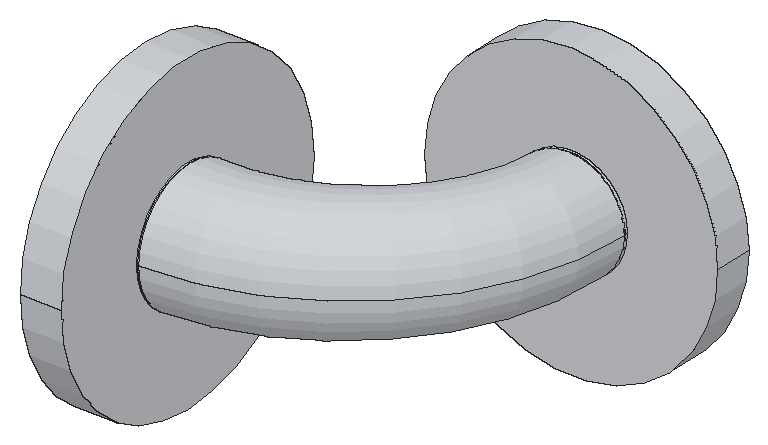
Revit family "aba895b1e33242c8b641c774118d6e71", category Pipe Fittings, Revit 2021
Family settings
  Round Connector Dimension = Use Radius
  Part Type = Elbow
  OmniClass Number = 23.60.30.11.14
  OmniClass Title = Pipework Fittings
  Seek Item ID = Elbow Reducing - Flanged - GI - Class 250-0000-USA-ENU
  Work Plane-Based = No
  Always vertical = Yes
  Cut with Voids When Loaded = No
  Shared = No
Parameters (values of type "Standard")
  Wall Thickness 2 [instance] = size_lookup(Lookup Table Name, "WThk", 0.06 * Nominal Diameter 2 + 97/256", Nominal Diameter 2)  # 0.43701"
  Wall Thickness 1 [instance] = size_lookup(Lookup Table Name, "WThk", 0.06 * Nominal Diameter 1 + 97/256", Nominal Diameter 1)  # 0.43701"
  Tick Size 2 [instance] = Flange Diameter 2 * 0.4  # 1.95276"
  Tick Size 1 [instance] = Flange Diameter 1 * 0.4  # 2.09449"
  Raised Face Thickness [instance] = 1/16"  # constant formula
  Raised Face Radius 2 [instance] = Raised Face Diameter 2 / 2  # 1.33858"
  Raised Face Radius 1 [instance] = Raised Face Diameter 1 / 2  # 1.53543"
  Raised Face Diameter 2 [instance] = size_lookup(Lookup Table Name, "RFD", 1.2 * Nominal Diameter 2 + 2 1/256", Nominal Diameter 2)  # 2.67717"
  Raised Face Diameter 1 [instance] = size_lookup(Lookup Table Name, "RFD", 1.2 * Nominal Diameter 1 + 2 1/256", Nominal Diameter 1)  # 3.07087"
  Nominal Radius 2 [instance] = 1/2"
  Nominal Diameter 2 [instance] = Nominal Radius 2 * 2  # 1"
  Loss Method = K Coefficient from Table
  Lookup Table Name = "Elbow Reducing - Flanged - GI - Class 250"
  Length 9 [instance] = Flange Thickness 2 - Raised Face Thickness  # 0.62648"
  Length 8 [instance] = Center to Face - if(Max Nominal Diameter 12 = Nominal Diameter 1, Flange Thickness 1, Flange Thickness 2)  # 3.50394"
  Length 7 [instance] = Length 1 + Length 1 * cos(Angle) + (Flange Thickness 2 + Length 5) * cos(Angle)  # 3.50394"
  Length 6 [instance] = (Flange Thickness 2 + Length 5) * sin(Angle)  # 0.74803"
  Length 5 [instance] = if(Max Nominal Diameter 12 = Nominal Diameter 2, 1/32", if(Center to Face - Flange Thickness 2 - Length 1 > 1/32", Center to Face - Flange Thickness 2 - Length 1, 1/32"))  # 0.05906"
  Length 4 [instance] = if(Max Nominal Diameter 12 = Nominal Diameter 1, 1/32", if(Center to Face - Flange Thickness 1 - Length 1 > 1/32", Center to Face - Flange Thickness 1 - Length 1, 1/32"))  # 1/32"
  Length 3 [instance] = Length 1 + Length 1 * cos(Angle)  # 3.50394"
  Length 2 [instance] = Length 1 * sin(Angle)  # 3.50394"
  Max Nominal Diameter 12 [instance] = if(Nominal Diameter 1 > Nominal Diameter 2, Nominal Diameter 1, Nominal Diameter 2)  # 1 1/4"
  Length 10 [instance] = Length 5 + Flange Thickness 2  # 0.74803"
  Max Insulation Radius 12 [instance] = if(Fitting Outside Radius 1 > Fitting Outside Radius 2, Fitting Outside Radius 1, Fitting Outside Radius 2)  # 1.06693"
  K Coefficient Table = "Regular Flanged 90 and 180 Elbow"
  Flange Thickness 2 [instance] = size_lookup(Lookup Table Name, "FThk", 0.08 * Nominal Diameter 2 + 217/256", Nominal Diameter 2)  # 0.68898"
  Flange Thickness 1 [instance] = size_lookup(Lookup Table Name, "FThk", 0.08 * Nominal Diameter 1 + 217/256", Nominal Diameter 1)  # 0.74803"
  Flange Radius 2 [instance] = Flange Diameter 2 / 2  # 2.44094"
  Flange Diameter 2 [instance] = size_lookup(Lookup Table Name, "FDia", 1.34 * Nominal Diameter 2 + 4 3/16", Nominal Diameter 2)  # 4.88189"
  Fitting Outside Radius 2 [instance] = Fitting Outside Diameter 2 / 2  # 0.92913"
  Fitting Outside Radius 1 [instance] = Fitting Outside Diameter 1 / 2  # 1.06693"
  Fitting Outside Diameter 2 [instance] = Fitting Inside Diameter 2 + Wall Thickness 2 * 2  # 1.85827"
  Fitting Outside Diameter 1 [instance] = Fitting Inside Diameter 1 + Wall Thickness 1 * 2  # 2.13386"
  Length 1 [instance] = if(Max Insulation Radius 12 * tan(Angle / 2) > Length 8, Max Insulation Radius 12 * tan(Angle / 2) + 1/32", Length 8)  # 3.50394"
  Nominal Radius 1 [instance] = 5/8"
  Nominal Diameter 1 [instance] = Nominal Radius 1 * 2  # 1 1/4"
  Fitting Inside Diameter 2 [instance] = size_lookup(Lookup Table Name, "FID", 0.97 * Nominal Diameter 2 + 13/128", Nominal Diameter 2)  # 0.98425"
  Fitting Inside Diameter 1 [instance] = size_lookup(Lookup Table Name, "FID", 0.97 * Nominal Diameter 1 + 13/128", Nominal Diameter 1)  # 1.25984"
  Default Elevation = 0' - 0"
  Center to Face [instance] = size_lookup(Lookup Table Name, "CtF", 0.68 * Max Nominal Diameter 12 + 3 49/64", Max Nominal Diameter 12)  # 4.25197"
  Center Radius [instance] = Length 1 / tan(Angle / 2)  # 3.50394"
  Flange Radius 1 [instance] = Flange Diameter 1 / 2  # 2.61811"
  Flange Diameter 1 [instance] = size_lookup(Lookup Table Name, "FDia", 1.34 * Nominal Diameter 1 + 4 3/16", Nominal Diameter 1)  # 5.23622"
  Assembly Code = ""
  Angle [instance] = 90.00°
Reference planes (in)
  plane 1 "Center (Front/Back)": y = 0
  plane 2: z = 0
  plane 3 "Center (Left/Right)": x = 0
  plane 4: x = -3.50394
  plane 5: y = 3.50394
  plane 6: x = 0
  plane 7: y = 3.50394
  plane 8: x = -3.53519
  plane 9: x = -4.22072
  plane 10: x = -3.53519
  plane 11: x = 0
  plane 12: y = 4.25197
  plane 13: x = -4.28322
Forms (in)
  Sweep 1, solid, detail levels fine
    path in 3D
      loop
        line (-3.53519, 0, 0) -> (-3.50394, 0, 0)
    profile origin (-3.51956, 0, 0) x (0, 1, 0) y (0, 0, 1)
      loop
        circle (0, 0) r 1.06693
  Sweep 2, solid, detail levels fine
    path in 3D
      loop
        line (-3.53519, 0, 0) -> (-4.22072, 0, 0)
    profile origin (-3.87795, 0, 0) x (0, -1, 0) y (0, 0, 1)
      loop
        circle (0, 0) r 2.61811
  Sweep 3, solid, detail levels fine
    path in 3D
      loop
        line (-4.28322, 0, 0) -> (-4.22072, 0, 0)
    profile origin (-4.25197, 0, 0) x (0, 1, 0) y (0, 0, 1)
      loop
        circle (0, 0) r 1.53543
  Sweep 4, solid, detail levels fine
    path in 3D
      loop
        line (0, 4.25197, 0) -> (0, 4.18947, 0)
    profile origin (0, 4.22072, 0) x (1, 0, 0) y (0, 0, 1)
      loop
        circle (0, 0) r 1.33858
  Sweep 5, solid, detail levels fine
    path in 3D
      loop
        line (0, 4.18947, 0) -> (0, 3.56299, 0)
    profile origin (0, 3.87623, 0) x (1, 0, 0) y (0, 0, 1)
      loop
        circle (0, 0) r 2.44094
  SweptBlend 6, solid, detail levels fine
    path in 3D
      loop
        arc (-3.50394, 0, 0) -> (-1.02628, 1.02628, 0) -> (0, 3.50394, 0) r 3.50394
    profile origin (-3.50394, 0, 0) x (0, 1, 0) y (0, 0, 1)
      loop
        circle (0, 0) r 1.06693
    end profile origin (0, 3.50394, 0) x (-1, 0, 0) y (0, 0, 1)
      loop
        circle (0, 0) r 0.92913
  Sweep 7, solid, detail levels fine
    path in 3D
      loop
        line (0, 3.50394, 0) -> (0, 3.56299, 0)
    profile origin (0, 3.53346, 0) x (-1, 0, 0) y (0, 0, 1)
      loop
        circle (0, 0) r 0.92913
Cuts and joins
  joined: Sweep 4, Sweep 5, Sweep 7
  joined: Sweep 1, Sweep 2, Sweep 3
Lines and regions (in)
  model lines, detail levels coarse+medium
    curve 1: line (-3.53519, 0, 0) -> (-3.50394, 0, 0)
    curve 2: line (-3.53519, 0, 0) -> (-4.22072, 0, 0)
    curve 5: line (-4.28322, 0, 0) -> (-4.22072, 0, 0)
    curve 7: line (-4.28322, 0, 0) -> (-4.28322, 2.09449, 0)
    curve 8: line (-4.28322, 0, 0) -> (-4.28322, -2.09449, 0)
    curve 13: arc (-3.50394, 0, 0) -> (-1.02628, 1.02628, 0) -> (0, 3.50394, 0) r 3.50394
    curve 14: line (0, 4.25197, 0) -> (1.95276, 4.25197, 0)
    curve 15: line (0, 4.25197, 0) -> (-1.95276, 4.25197, 0)
    curve 20: line (0, 3.50394, 0) -> (0, 4.25197, 0)
  sketch lines
    curve 3: line (-3.53519, 0, 0) -> (-3.50394, 0, 0)
    curve 4: line (-3.53519, 0, 0) -> (-4.22072, 0, 0)
    curve 6: line (-4.28322, 0, 0) -> (-4.22072, 0, 0)
    curve 10: line (0, 4.25197, 0) -> (0, 4.18947, 0)
    curve 12: line (0, 4.18947, 0) -> (0, 3.56299, 0)
    curve 18: arc (-3.50394, 0, 0) -> (-1.02628, 1.02628, 0) -> (0, 3.50394, 0) r 3.50394
    curve 19: line (0, 3.50394, 0) -> (0, 3.56299, 0)
  reference lines
    curve 9: line (0, 4.25197, 0) -> (0, 4.18947, 0)
    curve 11: line (0, 4.18947, 0) -> (0, 3.56299, 0)
    curve 16: line (0, 3.50394, 0) -> (0, 3.56299, 0)
    curve 17: arc (-3.50394, 0, 0) -> (-1.02628, 1.02628, 0) -> (0, 3.50394, 0) r 3.50394
Dimensions and locks (in)
  "Length 1": plane 4 to plane 3 "Center (Left/Right)"
  "Center Radius": plane 5 to plane 1 "Center (Front/Back)"
  "Length 3": plane 4 to plane 6
  "Length 2": plane 7 to plane 1 "Center (Front/Back)"
  "Length 4": plane 8 to plane 4
  locked: plane 8 to plane 10
  "Length 6": plane 12 to plane 7
  "Length 7": plane 4 to plane 11
  "Raised Face Thickness": plane 13 to plane 9
  "Flange Thickness 1": plane 13 to plane 8
  "Tick Size 1": curve 7 to curve 7
  "Tick Size 1": curve 8 to curve 8
  "Raised Face Thickness": curve 9 to curve 9
  "Length 9": curve 11 to curve 11
  "Tick Size 2": curve 14 to curve 14
  "Tick Size 2": curve 15 to curve 15
  "Length 5": curve 16 to curve 16
  "Length 10": curve 20 to curve 20
  "Fitting Outside Radius 1": radius of Sweep 1 sketch curve
  "Flange Radius 1": radius of Sweep 2 sketch curve
  "Raised Face Radius 1": radius of Sweep 3 sketch curve
  "Raised Face Radius 2": radius of Sweep 4 sketch curve
  "Flange Radius 2": radius of Sweep 5 sketch curve
  "Fitting Outside Radius 1": radius of SweptBlend 6 sketch curve
  "Fitting Outside Radius 2": radius of SweptBlend 6 sketch curve
  "Fitting Outside Radius 2": radius of Sweep 7 sketch curve
  "Angle": angle plane 12 to curve 9
  "Angle": angle plane 12 to curve 11
  "Angle": angle curve 13 to curve 13
  "Angle": angle plane 11 to curve 14
  "Angle": angle plane 11 to curve 15
  "Angle": angle plane 7 to curve 16
  "Angle": angle curve 17 to curve 17
  "Angle": angle plane 7 to curve 20
  aligned and locked: plane 1 "Center (Front/Back)" to curve 1
  aligned and locked: plane 8 to curve 2
  aligned and locked: plane 9 to curve 5
  aligned and locked: plane 1 "Center (Front/Back)" to curve 5
  aligned and locked: plane 13 to curve 7
  aligned and locked: plane 12 to curve 9
  aligned and locked: plane 11 to curve 9
  aligned and locked: plane 4 to curve 13  (x2)
  aligned and locked: plane 1 "Center (Front/Back)" to curve 13
  aligned and locked: plane 11 to curve 14
  aligned and locked: plane 12 to curve 15
  aligned and locked: plane 7 to curve 16
  aligned and locked: plane 6 to curve 16
  aligned and locked: plane 4 to curve 17  (x2)
  aligned and locked: plane 5 to curve 17
  aligned and locked: plane 1 "Center (Front/Back)" to curve 17
  aligned and locked: plane 7 to curve 20
  aligned and locked: plane 6 to curve 20
Automatic sketch dimensions
  curve 13 to plane 3 "Center (Left/Right)" = 0' - 0"
  Sweep 1 sketch curve to profile plane = 0' - 0"  (x2)
  Sweep 2 sketch curve to profile plane = 0' - 0"  (x2)
  Sweep 3 sketch curve to profile plane = 0' - 0"  (x2)
  profile plane to Sweep 4 sketch curve = 0' - 0"
  Sweep 4 sketch curve to profile plane = 0' - 0"
  profile plane to Sweep 5 sketch curve = 0' - 0"
  Sweep 5 sketch curve to profile plane = 0' - 0"
  SweptBlend 6 sketch curve to profile plane = 0' - 0"  (x4)
  Sweep 7 sketch curve to profile plane = 0' - 0"  (x2)
Connectors (in)
  piping at (-4.28322, 0, 0), diameter 1.25, driven by "Nominal Radius 1", driven by "Angle"
    settings: on Sweep 3, index 1, connector inside diameter 1 1/4", connector length 0' - 0", flow factor 0, pipe flow 0 GPM, pressure drop 0.00 psi, fitting loss kfactor 0, connector angle 90.00°, fixture units 0, engagement length 0' - 0", angle of deflection 0.00°, flow configuration 0, flow direction 0, fitting loss method 0, system type 28, joint type 0, gender type 0, connector reference index 2, connector utility 0, adjustable connector no, is connector primary yes, connector description ""
  piping at (0, 4.25197, 0), diameter 1, driven by "Nominal Radius 2", driven by "Angle"
    settings: on Sweep 4, index 2, connector inside diameter 1", connector length 0' - 0", flow factor 0, pipe flow 0 GPM, pressure drop 0.00 psi, fitting loss kfactor 0, connector angle 90.00°, fixture units 0, engagement length 0' - 0", angle of deflection 0.00°, flow configuration 0, flow direction 0, fitting loss method 0, system type 28, joint type 0, gender type 0, connector reference index 1, connector utility 0, adjustable connector no, is connector primary no, connector description ""
